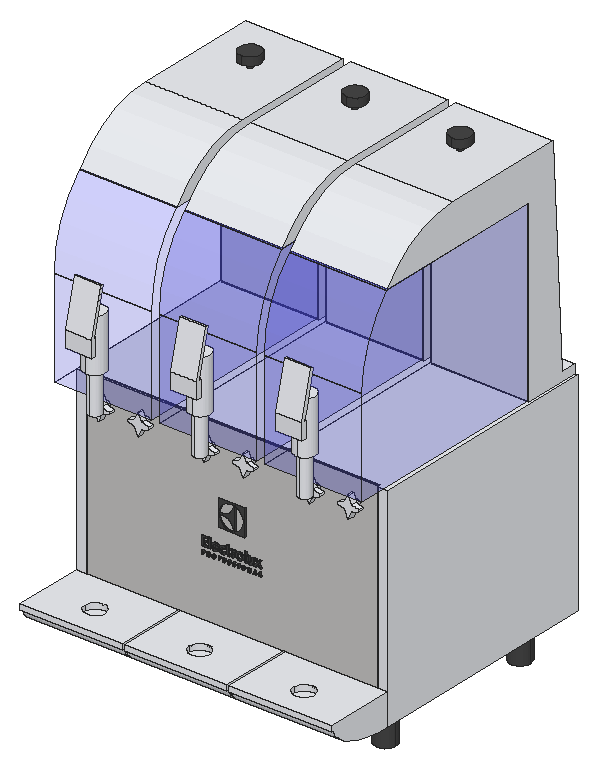
Revit family "QF_ELECTROLUXPROFESSIONAL_562533_IPRO3MUVR290", category Attrezzature speciali, Revit 2020
Family settings
  Quota connettore circolare = Usa diametro
  Tipo di parte = Normale
  Basato su piano di lavoro = No
  Sempre verticale = Sì
  Taglio con vuoti quando caricato = No
  Condiviso = No
  Punto di calcolo locali = No
Parameters (values of type "Standard")
  Weight = 81.00 kg
  Watts = 1380 W
  Volts = 220 V
  URL Manufacturer = "https://www.electroluxprofessional.com/"
  URL = "https://www.electroluxprofessional.com/"
  Steam Supply Size = 0 mm
  Steam Supply Minimum Pressure = 0.0 Pa
  Steam Supply Maximum Pressure = 0.0 Pa
  Steam Consumption per Hour = 0
  Show Logo [instance] = yes
  Show Clearance [instance] = yes
  Refrigeration Suction Line Size = 0 mm
  Refrigeration Liquid Line Size = 0 mm
  Refrigerant Compressor Remote = yes
  Prospetto di default = 0 mm
  Produttore = "Electrolux Professional"
  Phase = 1
  Modello = "IPRO3MUVR290"
  Length Actual = 600 mm  # constant formula
  Item Number = "562533"
  Hot Water Size = 0 mm
  Height Actual = 870 mm  # constant formula
  HP = "1.9 HP"
  Gas Size = 0 mm
  Gas KW = 0
  Gas Input Pressure = 0 W
  Direct Waste Size = 0 mm
  Descrizione = "3X11 LT BOWL - FROZEN GRANITA DISPENSER - MECHANICAL CONTROL - 3 INSULATED BOWLS - UV LIGHT, R290"
  Depth Actual = 580 mm  # constant formula
  Cycle = 50 Hz
  Condensate Return Size = 0 mm
  Compressed Air Volume = 0.0 L/s
  Compressed Air Size = 0 mm
  Compressed Air Pressure = 0.0 Pa
  Cold Water Size = 0 mm
  Accessory = yes
Reference planes
  plane 1: z = 0
  plane 2 "LEFT": x = -300
  plane 3 "BACK": y = 282.5
  plane 4 "FRONT": y = -301.5
  plane 5: z = 873
  plane 6 "RIGHT": x = 300
  plane 7: y = -282.5
  plane 8: z = 445
  plane 9: z = 677.97
  plane 10: z = 110
  plane 11: z = 900
  plane 12: x = -0.5
  plane 13: x = -0.5
Forms (mm)
  Extrusion 1, solid, material "QF_Finishes_White"
    sketch origin (0, 0, 0) x (1, 0, 0) y (0, 1, 0)
      loop
        line (-296.5, 282.5) -> (-296.5, -167.5) -> (-276.5, -167.5) -> (-276.5, -162.5) -> (276.5, -162.5) -> (276.5, -167.5) -> (296.5, -167.5) -> (296.5, 282.5) -> (-296.5, 282.5)
    from 50 to 453
  Extrusion 2, solid, material "QF_Finishes_Stainless Steel"
    sketch origin (0, 0, 0) x (1, 0, 0) y (0, 1, 0)
      loop
        line (276, -163) -> (-276, -163) -> (-276, -167.5) -> (276, -167.5) -> (276, -163)
    from 110 to 453
  Extrusion 3, solid, material "QF_Finishes_Stainless Steel"
    sketch origin (-151.596, -267.273, 48) x (0, -1, 0) y (1, 0, 0)
      loop
        line (-163.023, 407.596) -> (-163.023, 427.596) -> (-183.023, 427.596) -> (-183.023, 407.596) -> (-163.023, 407.596)
    from 0 to 2
Dimensions and locks
  plane 3 "BACK" to plane 4 "FRONT" = 584 mm  (x2)
  plane 5 to level = 873 mm  (x2)
  plane 2 "LEFT" to plane 6 "RIGHT" = 600 mm
  plane 3 "BACK" to plane 7 = 565 mm
  plane 9 to plane 8 = 232.97 mm
  level to plane 11 = 900 mm
  plane 10 to level = 110 mm
  plane 8 to plane 10 = 335 mm
  plane 6 "RIGHT" to plane 2 "LEFT" = 600 mm
  plane 2 "LEFT" to plane 12 = 299.5 mm
  plane 2 "LEFT" to plane 13 = 299.5 mm
  nested 5 to nested 9 = 200 mm
  nested 9 to nested 17 = 200 mm
  aligned and locked: level to plane 1
Nested families
  nested 1: "BOCCHETTONE BEVERAGE" at (-200.5, -260.625, 445), type "BOCCHETTONE BEVERAGE"
  nested 2: "MANOPOLA BEVERAGE" at (-238, -167.5, 413) x (0, 0, 1) z (0, -1, 0), type "MANOPOLA BEVERAGE"
  nested 3: "MANOPOLA BEVERAGE" at (-163, -167.5, 413) x (0, 0, 1) z (0, -1, 0), type "MANOPOLA BEVERAGE"
  nested 4: "MANOPOLA APERTURA BEVERAGE " at (-200.5, 125, 873) x (0, 1, 0) z (0, 0, 1), type "MANOPOLA APERTURA BEVERAGE "
  nested 5: "PORTAGRANITE BEVERAGE" at (-200.5, 28.972, 453), type "PORTAGRANITE BEVERAGE"
  nested 6: "VASCHETTA BEVERAGE" at (-199.25, -167.5, 80) x (1, 0, 0) z (0, -1, 0), type "VASCHETTA BEVERAGE"
  nested 7: "VASCHETTA BEVERAGE" at (-0.5, -167.5, 80) x (-1, 0, 0) z (0, -1, 0), type "VASCHETTA BEVERAGE"
  nested 8: "MANOPOLA APERTURA BEVERAGE " at (-0.5, 125, 873) x (0, 1, 0) z (0, 0, 1), type "MANOPOLA APERTURA BEVERAGE "
  nested 9: "PORTAGRANITE BEVERAGE" at (-0.5, 28.972, 453) x (-1, 0, 0) z (0, 0, 1), type "PORTAGRANITE BEVERAGE"
  nested 10: "BOCCHETTONE BEVERAGE" at (-0.5, -260.625, 445), type "BOCCHETTONE BEVERAGE"
  nested 11: "MANOPOLA BEVERAGE" at (-38, -167.5, 413) x (0, 0, 1) z (0, -1, 0), type "MANOPOLA BEVERAGE"
  nested 12: "MANOPOLA BEVERAGE" at (37, -167.5, 413) x (0, 0, 1) z (0, -1, 0), type "MANOPOLA BEVERAGE"
  nested 13: "BOCCHETTONE BEVERAGE" at (199.5, -260.625, 445) x (-1, 0, 0) z (0, 0, 1), type "BOCCHETTONE BEVERAGE"
  nested 14: "MANOPOLA BEVERAGE" at (237, -167.5, 413) x (0, 0, 1) z (0, -1, 0), type "MANOPOLA BEVERAGE"
  nested 15: "MANOPOLA BEVERAGE" at (162, -167.5, 413) x (0, 0, 1) z (0, -1, 0), type "MANOPOLA BEVERAGE"
  nested 16: "MANOPOLA APERTURA BEVERAGE " at (199.5, 125, 873) x (0, 1, 0) z (0, 0, 1), type "MANOPOLA APERTURA BEVERAGE "
  nested 17: "PORTAGRANITE BEVERAGE" at (199.5, 28.972, 453) x (-1, 0, 0) z (0, 0, 1), type "PORTAGRANITE BEVERAGE"
  nested 18: "VASCHETTA BEVERAGE" at (198.25, -167.5, 80) x (-1, 0, 0) z (0, -1, 0), type "VASCHETTA BEVERAGE"
  nested 19: "ELXP_LOGO_ONLY_MEDIUM" at (-0.5, -167.5, 303) x (1, 0, 0) z (0, -1, 0), Show Logo <- "Show Logo", visible <- "Show Logo", type "ELXP_LOGO_ONLY_MEDIUM"
    with Show Logo yes
  nested 20: "ELX_LOGO_WORDS_MEDIUM" at (-0.5, -167.5, 238) x (1, 0, 0) z (0, -1, 0), visible <- "Show Logo", Show Logo <- "Show Logo", type "ELX_LOGO_WORDS_MEDIUM"
    with Show Logo yes
  nested 21: "Piedino 50x40 BEVERAGE" at (-266, 184.5, 0), type "Piedino 50x40 BEVERAGE"
    with H 150 mm
  nested 22: "Piedino 50x40 BEVERAGE" at (-266, -135.5, 0), type "Piedino 50x40 BEVERAGE"
    with H 150 mm
  nested 23: "Piedino 50x40 BEVERAGE" at (266, 184.5, 0), type "Piedino 50x40 BEVERAGE"
    with H 150 mm
  nested 24: "Piedino 50x40 BEVERAGE" at (266, -135.5, 0), type "Piedino 50x40 BEVERAGE"
    with H 150 mm
Connectors
  electrical at (266, -94.25, 48), driven by "Volts"
    settings: on Extrusion 3, index 73, voltage 220 V, apparent load 0 VA, apparent load phase1 0 VA, apparent load phase2 0 VA, apparent load phase3 0 VA, power factor 1, load classification "Altro", number of poles 1, system type 30, power factor state 1, is connector primary yes, connector utility no, sub classification motor no, connector description "Electrical Connection"
Definition of nested family "BOCCHETTONE BEVERAGE"
  Parameters (values of type "BOCCHETTONE BEVERAGE")
    Default Elevation = 1219.2 mm
  Reference planes
    plane 1 "Centro (Fronte/Retro)": y = 0
    plane 2: z = 0
    plane 3 "Centro (Sinistra/Destra)": x = 0
    plane 4: z = 233
    plane 5: y = -22
  Forms (mm)
    Extrusion 1, solid
      sketch origin (0, 0, 0) x (1, 0, 0) y (0, 1, 0)
        loop
          line (-1219.2, 1219.2) -> (-1219.2, -1219.2) -> (1219.2, -1219.2) -> (1219.2, 1219.2) -> (-1219.2, 1219.2)
      from 0 to -304.8
    Extrusion 2, solid
      sketch origin (0, 15.961, 0) x (0, -1, 0) y (1, 0, 0)
        loop
          circle (0, 0) r 12
      from 0 to 75
    Extrusion 3, solid
      sketch origin (0, 15.961, 75) x (0, -1, 0) y (1, 0, 0)
        loop
          circle (0, 0) r 20
      from 0 to 100
    Extrusion 4, void
      sketch origin (0, 0, 0) x (1, 0, 0) y (0, 1, 0)
        loop
          line (-27.179, -16.141) -> (-21.226, -10.188) -> (-6.226, -10.188) -> (-6.226, 12.684) -> (-27.179, 12.684) -> (-27.179, -16.141)
        loop
          line (27.179, -16.141) -> (27.179, 12.684) -> (6.226, 12.684) -> (6.226, -10.188) -> (21.226, -10.188) -> (27.179, -16.141)
      from 104.337 to 159.894
    Extrusion 5, solid
      sketch origin (25, 15.961, 29.221) x (0, -1, 0) y (0, 0, 1)
        loop
          line (11.922, 118.779) -> (11.922, 88.779) -> (37.961, 88.779) -> (37.961, 119.393) -> (16.929, 203.749) -> (12.077, 202.539) -> (32.961, 118.779) -> (11.922, 118.779)
      from 0 to 50
  Cuts and joins
    Extrusion 4 cuts Extrusion 5
    joined: Extrusion 3, Extrusion 5
  Dimensions and locks
    Extrusion 1 to plane 4 = 233 mm
    aligned and locked: plane 2 to Extrusion 1
    aligned and locked: level to Extrusion 1
Definition of nested family "MANOPOLA BEVERAGE"
  Parameters (values of type "MANOPOLA BEVERAGE")
    Default Elevation = 1219.2 mm
  Reference planes
    plane 1 "Centro (Fronte/Retro)": y = 0
    plane 2: z = 0
    plane 3 "Centro (Sinistra/Destra)": x = 0
    plane 4: z = 20
  Forms (mm)
    Extrusion 1, solid
      sketch origin (0, 0, 0) x (1, 0, 0) y (0, 1, 0)
        loop
          line (-1219.2, 1219.2) -> (-1219.2, -1219.2) -> (1219.2, -1219.2) -> (1219.2, 1219.2) -> (-1219.2, 1219.2)
      from 0 to -304.8
    Extrusion 2, solid
      sketch origin (0, 0, 10) x (1, 0, 0) y (0, 1, 0)
        loop
          line (-20, -1.333) -> (-6.314, -6.314) -> (-1.333, -20) -> (1.333, -20) -> (6.314, -6.314) -> (20, -1.333) -> (20, 1.333) -> (6.314, 6.314) -> (1.333, 20) -> (-1.333, 20) -> (-6.314, 6.314) -> (-20, 1.333) -> (-20, -1.333)
      from 0 to 10
    Extrusion 3, solid
      sketch origin (0, 0, 0) x (1, 0, 0) y (0, 1, 0)
        loop
          circle (0, 0) r 5
      from 0 to 10
  Dimensions and locks
    aligned and locked: plane 2 to Extrusion 1
    aligned and locked: level to Extrusion 1
Definition of nested family "MANOPOLA APERTURA BEVERAGE "
  Parameters (values of type "MANOPOLA APERTURA BEVERAGE ")
    Default Elevation = 1219.2 mm
  Reference planes
    plane 1 "Centro (Fronte/Retro)": y = 0
    plane 2: z = 0
    plane 3 "Centro (Sinistra/Destra)": x = 0
    plane 4: z = 27
  Forms (mm)
    Extrusion 1, solid
      sketch origin (0, 0, 0) x (1, 0, 0) y (0, 1, 0)
        loop
          line (-1219.2, 1219.2) -> (-1219.2, -1219.2) -> (1219.2, -1219.2) -> (1219.2, 1219.2) -> (-1219.2, 1219.2)
      from 0 to -304.8
    Extrusion 2, solid
      sketch origin (0, 0, 0) x (1, 0, 0) y (0, 1, 0)
        loop
          circle (0, 0) r 5
      from 0 to 12
    Extrusion 3, solid
      sketch origin (0, 0, 12) x (1, 0, 0) y (0, 1, 0)
        loop
          circle (0, 0) r 20
      from 0 to 15
  Dimensions and locks
    Extrusion 1 to plane 4 = 27 mm
    aligned and locked: plane 2 to Extrusion 1
    aligned and locked: level to Extrusion 1
Definition of nested family "PORTAGRANITE BEVERAGE"
  Parameters (values of type "PORTAGRANITE BEVERAGE")
    Default Elevation = 1219.2 mm
  Reference planes
    plane 1 "Centro (Fronte/Retro)": y = 0
    plane 2: z = 0
    plane 3 "Centro (Sinistra/Destra)": x = 0
    plane 4: z = 233
    plane 5: y = -36.472
    plane 6: z = 338
  Forms (mm)
    Extrusion 1, solid
      sketch origin (0, 0, 0) x (1, 0, 0) y (0, 1, 0)
        loop
          line (-1219.2, 1219.2) -> (-1219.2, -1219.2) -> (1219.2, -1219.2) -> (1219.2, 1219.2) -> (-1219.2, 1219.2)
      from 0 to -304.8
    Extrusion 2, solid
      sketch origin (-92.5, -28.972, -376) x (0, 1, 0) y (0, 0, 1)
        loop
          line (172.5, 716) -> (172.5, 376) -> (282.5, 376) -> (282.5, 393) -> (251.241, 393) -> (230.12, 796) -> (-7.5, 796)
          arc (-7.5, 796) -> (-94.678, 774.819) -> (-162.419, 716) r 190
          line (-162.419, 716) -> (172.5, 716)
      from 0 to 185
    Extrusion 3, solid
      sketch origin (-100, -28.972, -376) x (0, 1, 0) y (0, 0, 1)
        loop
          line (170.5, 378) -> (170.5, 714) -> (-164.355, 714)
          arc (-164.355, 714) -> (-209.023, 644.734) -> (-224.664, 563.812) r 217.164
          line (-224.664, 563.812) -> (-224.664, 378) -> (170.5, 378)
      from 7.5 to 192.5
  Dimensions and locks
    Extrusion 1 to plane 4 = 233 mm
    aligned and locked: plane 2 to Extrusion 1
    aligned and locked: level to Extrusion 1
Definition of nested family "VASCHETTA BEVERAGE"
  Parameters (values of type "VASCHETTA BEVERAGE")
    Default Elevation = 1219.2 mm
  Reference planes
    plane 1 "Centro (Fronte/Retro)": y = 0
    plane 2: z = 0
    plane 3 "Centro (Sinistra/Destra)": x = 0
  Forms (mm)
    Extrusion 1, solid
      sketch origin (0, 0, 0) x (1, 0, 0) y (0, 1, 0)
        loop
          line (-1219.2, 1219.2) -> (-1219.2, -1219.2) -> (1219.2, -1219.2) -> (1219.2, 1219.2) -> (-1219.2, 1219.2)
      from 0 to -304.8
    Extrusion 2, solid
      sketch origin (-97.5, -80, -167.5) x (0, 0, -1) y (0, 1, 0)
        loop
          line (-167.5, 110) -> (-301.5, 110) -> (-301.5, 100) -> (-296.403, 100)
          spline (-296.403, 100) -> (-294.717, 93.399) -> (-290.961, 86.937) -> (-285.195, 80.722) -> (-277.513, 74.853) -> (-268.041, 69.426) -> (-256.932, 64.529) -> (-244.367, 60.243) -> (-230.551, 56.637) -> (-215.709, 53.769) -> (-200.082, 51.686) -> (-183.925, 50.423) -> (-167.5, 50)
          line (-167.5, 50) -> (-167.5, 110)
      from 0 to 195
    Extrusion 3, void
      sketch origin (202.5, -80, -167.5) x (1, 0, 0) y (0, 0, -1)
        loop
          circle (-202.5, -244.664) r 20
      from 100 to 110
  Cuts and joins
    Extrusion 3 cuts Extrusion 2
  Dimensions and locks
    aligned and locked: plane 2 to Extrusion 1
    aligned and locked: level to Extrusion 1
Definition of nested family "ELXP_LOGO_ONLY_MEDIUM"
  Parameters (values of type "ELXP_LOGO_ONLY_MEDIUM")
    Show Logo [instance] = yes
    Default Elevation = 0 mm
  Reference planes
    plane 1 "Centro (Fronte/Retro)": y = 0
    plane 2: z = 0
    plane 3 "Centro (Sinistra/Destra)": x = 0
  Forms (mm)
    Extrusion 1, solid
      sketch origin (0, 0, 0) x (1, 0, 0) y (0, 1, 0)
        loop
          line (-1219.2, 1219.2) -> (-1219.2, -1219.2) -> (1219.2, -1219.2) -> (1219.2, 1219.2) -> (-1219.2, 1219.2)
      from 0 to -304.8
    Extrusion 2, solid, visible <- "Show Logo"
      sketch origin (15.862, -72.798, 0) x (1, 0, 0) y (0, 1, 0)
        loop
          line (-40.901, 47.952) -> (9.138, 47.952) -> (9.138, 97.923) -> (-40.901, 97.923) -> (-40.901, 47.952)
        loop
          line (-9.2, 95.47) -> (-9.2, 50.507)
          arc (-9.2, 50.507) -> (7.421, 72.988) -> (-9.2, 95.47) r 23.515
        loop
          line (-11.486, 92.214) -> (-11.486, 95.47)
          arc (-11.486, 95.47) -> (-30.185, 91.22) -> (-39.194, 74.292) r 23.044
          line (-39.194, 74.292) -> (-31.756, 74.292)
          arc (-31.756, 74.292) -> (-18.467, 79.686) -> (-11.486, 92.214) r 21.599
        loop
          arc (-39.194, 71.685) -> (-30.2, 54.618) -> (-11.486, 49.93) r 23.647
          line (-11.486, 49.93) -> (-11.486, 53.763)
          arc (-11.486, 53.763) -> (-18.467, 66.291) -> (-31.756, 71.685) r 21.599
          line (-31.756, 71.685) -> (-39.194, 71.685)
      from 0 to 1.644
  Dimensions and locks
    aligned and locked: plane 2 to Extrusion 1
    aligned and locked: level to Extrusion 1
Definition of nested family "ELX_LOGO_WORDS_MEDIUM"
  Parameters (values of type "ELX_LOGO_WORDS_MEDIUM")
    Show Logo [instance] = yes
    Default Elevation = 0 mm
  Reference planes
    plane 1 "Centro (Fronte/Retro)": y = 0
    plane 2: z = 0
    plane 3 "Centro (Sinistra/Destra)": x = 0
  Forms (mm)
    Extrusion 1, solid
      sketch origin (0, 0, 0) x (1, 0, 0) y (0, 1, 0)
        loop
          line (-1219.2, 1219.2) -> (-1219.2, -1219.2) -> (1219.2, -1219.2) -> (1219.2, 1219.2) -> (-1219.2, 1219.2)
      from 0 to -304.8
    Extrusion 2, solid, visible <- "Show Logo"
      sketch origin (0, 0, 0) x (1, 0, 0) y (0, 1, 0)
        loop
          line (-45.351, 15.842) -> (-56.505, 15.842) -> (-56.505, 2.853)
          arc (-56.505, 2.853) -> (-55.037, -0.691) -> (-51.493, -2.159) r 5.012
          line (-51.493, -2.159) -> (-45.135, -2.159) -> (-45.135, 0.755) -> (-50.767, 0.755)
          arc (-50.767, 0.755) -> (-52.618, 1.38) -> (-53.406, 3.168) r 2.423
          line (-53.406, 3.168) -> (-53.406, 5.743) -> (-45.833, 5.743) -> (-45.833, 8.668) -> (-53.406, 8.668) -> (-53.406, 12.925) -> (-45.351, 12.925) -> (-45.351, 15.842)
        loop
          line (-42.933, 15.842) -> (-42.933, -2.159) -> (-39.832, -2.159) -> (-39.832, 15.842) -> (-42.933, 15.842)
        loop
          line (24.405, 15.842) -> (24.405, -2.159) -> (27.508, -2.159) -> (27.508, 15.842) -> (24.405, 15.842)
        loop
          line (-34.705, 3.589) -> (-24.531, 3.589)
          arc (-24.531, 3.589) -> (-26.123, 9.178) -> (-31.565, 11.217) r 6.447
          arc (-31.565, 11.217) -> (-36.358, 8.786) -> (-37.726, 3.589) r 6.56
          arc (-37.726, 3.589) -> (-35.926, -0.757) -> (-31.58, -2.557) r 6.146
          arc (-31.58, -2.557) -> (-28.198, -2.058) -> (-25.362, -0.149) r 7.726
          line (-25.362, -0.149) -> (-27.199, 1.688)
          arc (-27.199, 1.688) -> (-29.61, 0.242) -> (-32.411, 0.485) r 4.558
          arc (-32.411, 0.485) -> (-34.119, 1.622) -> (-34.705, 3.589) r 3.019
        loop
          line (-34.628, 5.769) -> (-27.646, 5.769)
          arc (-27.646, 5.769) -> (-28.626, 7.83) -> (-30.779, 8.59) r 2.974
          arc (-30.779, 8.59) -> (-33.263, 7.943) -> (-34.628, 5.769) r 3.481
        loop
          line (-12.445, 7.067) -> (-10.499, 9.013)
          arc (-10.499, 9.013) -> (-12.94, 10.78) -> (-15.907, 11.309) r 6.746
          arc (-15.907, 11.309) -> (-20.432, 9.655) -> (-22.806, 5.463) r 6.977
          arc (-22.806, 5.463) -> (-18.803, -1.885) -> (-10.608, -0.191) r 7.026
          line (-10.608, -0.191) -> (-12.544, 1.745)
          arc (-12.544, 1.745) -> (-16.723, 0.362) -> (-19.717, 3.589) r 4.071
          arc (-19.717, 3.589) -> (-19.509, 6.14) -> (-17.752, 8.002) r 3.867
          arc (-17.752, 8.002) -> (-14.941, 8.431) -> (-12.445, 7.067) r 4.442
        loop
          line (-8.594, 15.842) -> (-8.594, 3.541)
          arc (-8.594, 3.541) -> (-8.326, 1.695) -> (-7.635, -0.038) r 7.951
          arc (-7.635, -0.038) -> (-5.422, -1.797) -> (-2.62, -2.167) r 5.297
          line (-2.62, -2.167) -> (-2.62, 0.738)
          arc (-2.62, 0.738) -> (-3.453, 0.802) -> (-4.23, 1.109) r 2.792
          arc (-4.23, 1.109) -> (-5.227, 2.163) -> (-5.494, 3.589) r 2.57
          line (-5.494, 3.589) -> (-5.494, 8.043) -> (-2.678, 8.043) -> (-2.678, 10.86) -> (-5.494, 10.86) -> (-5.494, 15.842) -> (-8.594, 15.842)
        loop
          arc (3.006, 4.684) -> (3.228, 5.982) -> (3.868, 7.133) r 3.911
          arc (3.868, 7.133) -> (5.725, 8.086) -> (7.812, 8.043) r 4.26
          line (7.812, 8.043) -> (7.812, 11.023)
          arc (7.812, 11.023) -> (5.085, 10.766) -> (3.006, 8.983) r 4.524
          line (3.006, 8.983) -> (3.006, 10.86) -> (-0.069, 10.86) -> (-0.069, -2.159) -> (3.006, -2.159) -> (3.006, 4.684)
        loop
          circle (15.393, 4.348) r 6.899
        loop
          circle (15.393, 4.348) r 4.181
        loop
          arc (38.69, 3.262) -> (37.924, 1.158) -> (35.848, 0.319) r 2.752
          arc (35.848, 0.319) -> (33.771, 1.158) -> (33.005, 3.262) r 2.752
          line (33.005, 3.262) -> (33.005, 10.859) -> (29.879, 10.859) -> (29.879, 3.004)
          arc (29.879, 3.004) -> (31.658, -1.052) -> (35.848, -2.489) r 5.512
          arc (35.848, -2.489) -> (40.084, -1.008) -> (41.815, 3.132) r 5.512
          line (41.815, 3.132) -> (41.815, 10.859) -> (38.69, 10.859) -> (38.69, 3.262)
        loop
          line (43.689, 10.859) -> (48.192, 4.746) -> (43.245, -2.164) -> (46.578, -2.164) -> (49.861, 2.422) -> (53.193, -2.164) -> (56.505, -2.164) -> (51.629, 4.817) -> (56.087, 10.859) -> (52.703, 10.859) -> (49.851, 6.995) -> (47.043, 10.859) -> (43.689, 10.859)
        loop
          line (-53.813, -9.621) -> (-56.285, -9.621) -> (-56.285, -15.847) -> (-54.932, -15.847) -> (-54.932, -13.703) -> (-53.437, -13.703)
          arc (-53.437, -13.703) -> (-51.764, -11.49) -> (-53.813, -9.621) r 2.058
        loop
          arc (-53.496, -12.48) -> (-52.984, -11.679) -> (-53.496, -10.879) r 0.881
          line (-53.496, -10.879) -> (-54.932, -10.879) -> (-54.932, -12.48) -> (-53.496, -12.48)
        loop
          line (-44.045, -9.621) -> (-46.56, -9.621) -> (-46.56, -15.847) -> (-45.207, -15.847) -> (-45.207, -13.703) -> (-43.898, -13.703) -> (-43.003, -15.847) -> (-41.55, -15.847) -> (-42.774, -13.222)
          arc (-42.774, -13.222) -> (-42.188, -12.521) -> (-41.991, -11.628) r 1.922
          arc (-41.991, -11.628) -> (-42.609, -10.206) -> (-44.045, -9.621) r 2.055
        loop
          line (-45.207, -10.879) -> (-45.207, -12.48) -> (-43.771, -12.48)
          arc (-43.771, -12.48) -> (-43.258, -11.679) -> (-43.771, -10.879) r 0.881
          line (-43.771, -10.879) -> (-45.207, -10.879)
        loop
          circle (-33.602, -12.734) r 3.233
        loop
          circle (-33.602, -12.734) r 2.052
        loop
          line (-25.054, -9.622) -> (-25.054, -15.847) -> (-23.734, -15.847) -> (-23.734, -13.671) -> (-21.392, -13.671) -> (-21.392, -12.276) -> (-23.734, -12.276) -> (-23.734, -10.963) -> (-21.167, -10.963) -> (-21.167, -9.622) -> (-25.054, -9.622)
        loop
          line (-15.917, -9.622) -> (-15.917, -13.825)
          arc (-15.917, -13.825) -> (-15.343, -15.249) -> (-13.926, -15.842) r 1.991
          line (-13.926, -15.842) -> (-11.917, -15.842) -> (-11.917, -14.666) -> (-13.806, -14.666)
          arc (-13.806, -14.666) -> (-14.501, -14.091) -> (-14.638, -13.198) r 1.267
          line (-14.638, -13.198) -> (-12.15, -13.198) -> (-12.15, -12.023) -> (-14.638, -12.023) -> (-14.638, -10.797) -> (-11.977, -10.797) -> (-11.977, -9.622) -> (-15.917, -9.622)
        loop
          arc (6.626, -10.41) -> (5.801, -9.733) -> (4.757, -9.518) r 2.228
          arc (4.757, -9.518) -> (3.792, -9.755) -> (2.999, -10.352) r 2.468
          arc (2.999, -10.352) -> (2.853, -11.766) -> (3.765, -12.856) r 1.825
          arc (3.765, -12.856) -> (4.531, -13.112) -> (5.259, -13.464) r 6.301
          arc (5.259, -13.464) -> (5.719, -14.005) -> (5.402, -14.641) r 0.645
          arc (5.402, -14.641) -> (4.814, -14.78) -> (4.228, -14.631) r 1.269
          arc (4.228, -14.631) -> (3.722, -14.266) -> (3.412, -13.725) r 1.474
          line (3.412, -13.725) -> (2.324, -14.233)
          arc (2.324, -14.233) -> (2.716, -14.99) -> (3.348, -15.561) r 2.393
          arc (3.348, -15.561) -> (4.065, -15.867) -> (4.841, -15.945) r 2.579
          arc (4.841, -15.945) -> (5.8, -15.754) -> (6.664, -15.295) r 3.369
          arc (6.664, -15.295) -> (7.045, -14.28) -> (6.848, -13.214) r 2.023
          arc (6.848, -13.214) -> (6.423, -12.723) -> (5.879, -12.368) r 2.346
          arc (5.879, -12.368) -> (5.19, -12.061) -> (4.485, -11.796) r 12.353
          arc (4.485, -11.796) -> (4.077, -11.162) -> (4.666, -10.692) r 0.562
          arc (4.666, -10.692) -> (5.372, -10.862) -> (5.915, -11.344) r 1.497
          line (5.915, -11.344) -> (6.626, -10.41)
        loop
          line (12.337, -9.622) -> (12.337, -15.842) -> (13.616, -15.842) -> (13.616, -9.622) -> (12.337, -9.622)
        loop
          circle (22.24, -12.732) r 1.935
        loop
          circle (22.24, -12.732) r 3.231
        loop
          line (30.821, -15.842) -> (32.114, -15.842) -> (32.114, -11.931) -> (34.96, -15.842) -> (36.203, -15.842) -> (36.203, -9.622) -> (34.911, -9.622) -> (34.911, -13.651) -> (32.065, -9.622) -> (30.821, -9.622) -> (30.821, -15.842)
        loop
          line (42.652, -15.842) -> (43.258, -14.5) -> (45.559, -14.5) -> (46.165, -15.842) -> (47.54, -15.842) -> (44.912, -9.622) -> (43.712, -9.622) -> (41.279, -15.842) -> (42.652, -15.842)
        loop
          line (44.985, -13.224) -> (44.369, -11.857) -> (43.77, -13.224) -> (44.985, -13.224)
        loop
          line (53.893, -14.666) -> (53.893, -9.622) -> (52.614, -9.622) -> (52.614, -15.842) -> (56.285, -15.842) -> (56.285, -14.666) -> (53.893, -14.666)
        loop
          arc (-2.701, -10.41) -> (-3.525, -9.733) -> (-4.57, -9.518) r 2.228
          arc (-4.57, -9.518) -> (-5.534, -9.755) -> (-6.327, -10.352) r 2.468
          arc (-6.327, -10.352) -> (-6.473, -11.766) -> (-5.562, -12.856) r 1.825
          arc (-5.562, -12.856) -> (-4.795, -13.112) -> (-4.067, -13.464) r 6.301
          arc (-4.067, -13.464) -> (-3.608, -14.005) -> (-3.924, -14.641) r 0.645
          arc (-3.924, -14.641) -> (-4.512, -14.78) -> (-5.098, -14.631) r 1.269
          arc (-5.098, -14.631) -> (-5.604, -14.266) -> (-5.914, -13.725) r 1.474
          line (-5.914, -13.725) -> (-7.002, -14.233)
          arc (-7.002, -14.233) -> (-6.61, -14.99) -> (-5.978, -15.561) r 2.393
          arc (-5.978, -15.561) -> (-5.261, -15.867) -> (-4.485, -15.945) r 2.579
          arc (-4.485, -15.945) -> (-3.526, -15.754) -> (-2.663, -15.295) r 3.369
          arc (-2.663, -15.295) -> (-2.281, -14.28) -> (-2.478, -13.214) r 2.023
          arc (-2.478, -13.214) -> (-2.903, -12.723) -> (-3.448, -12.368) r 2.346
          arc (-3.448, -12.368) -> (-4.136, -12.061) -> (-4.842, -11.796) r 12.353
          arc (-4.842, -11.796) -> (-5.249, -11.162) -> (-4.66, -10.692) r 0.562
          arc (-4.66, -10.692) -> (-3.954, -10.862) -> (-3.412, -11.344) r 1.497
          line (-3.412, -11.344) -> (-2.701, -10.41)
      from 0 to 1.644
  Dimensions and locks
    aligned and locked: plane 2 to Extrusion 1
    aligned and locked: level to Extrusion 1
Definition of nested family "Piedino 50x40 BEVERAGE"
  Parameters (values of type "Piedino 50x40 BEVERAGE")
    Default Elevation = 0 mm
    H [instance] = 150 mm
  Reference planes
    plane 1 "Centro (Fronte/Retro)": y = 0
    plane 2: z = 0
    plane 3 "Centro (Sinistra/Destra)": x = 0
  Forms (mm)
    Revolve 1, solid
      sketch origin (55, 0, 0) x (-1, 0, 0) y (0, 0, -1)
        loop
          line (55, 0) -> (35, 0) -> (35, -50) -> (55, -50) -> (55, 0)
        axis (55, 0) -> (55, -50)
      angle from 0 to 360
  Dimensions and locks
    aligned and locked: level to plane 2
